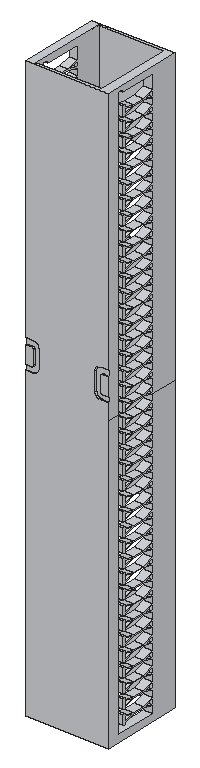
Revit family
Parameters
  Material ID = "760089458"
  Description = "Vertical Cable Management Kit, 12in X 84in (305mm X 2134mm) Single Sided, With Door, Black"
Reference planes (in)
  plane 1 "Center (Front/Back)": y = 0
  plane 2: z = 0
  plane 3 "Center (Left/Right)": x = 0
Forms (in)
  Extrusion 1, void, not visible
    sketch origin (0, 0, 0) x (1, 0, 0) y (0, 0, 1)
      loop
        line (-7.85662, 0.48089) -> (-7.85662, -0.39002) -> (-7.67285, -0.39002) -> (-7.67285, -0.64002) -> (-7.0736, -0.64002) -> (-7.0736, -0.39002) -> (-6.92978, -0.39002) -> (-6.92978, 0.48089) -> (-7.85662, 0.48089)
    from -3.79215 to 12
  Extrusion 2, void, not visible
    sketch origin (0, 0, 0) x (1, 0, 0) y (0, 0, 1)
      loop
        line (-8.21397, 0.42583) -> (-8.21397, -0.07417) -> (-8.08657, -0.07417) -> (-8.08657, -0.27417) -> (-7.83657, -0.27417) -> (-7.83657, -0.07417) -> (-7.72497, -0.07417) -> (-7.72497, 0.42583) -> (-8.21397, 0.42583)
    from 0.74059 to 3.34334
  Extrusion 3, solid
    sketch origin (0, 0, 0) x (1, 0, 0) y (0, 0, 1)
      loop
        line (7, 42) -> (-5, 42) -> (-5, -42) -> (7, -42) -> (7, 0) -> (7, 42)
    from 11.281 to -0.549
  Extrusion 4, void
    sketch origin (0, 0, 0) x (1, 0, 0) y (0, 0, 1)
      loop
        line (-5, 6.54262) -> (-5, 5.6089) -> (-4.1, 5.6089)
        arc (-4.1, 5.6089) -> (-3.88787, 5.52103) -> (-3.8, 5.3089) r 0.3
        line (-3.8, 5.3089) -> (-3.8, 3.39262)
        arc (-3.8, 3.39262) -> (-3.88787, 3.18049) -> (-4.1, 3.09262) r 0.3
        line (-4.1, 3.09262) -> (-5, 3.09262) -> (-5, 2.29262) -> (-3.8, 2.29262)
        arc (-3.8, 2.29262) -> (-3.23431, 2.52693) -> (-3, 3.09262) r 0.8
        line (-3, 3.09262) -> (-3, 5.74262)
        arc (-3, 5.74262) -> (-3.23431, 6.30831) -> (-3.8, 6.54262) r 0.8
        line (-3.8, 6.54262) -> (-5, 6.54262)
      loop
        line (7, 6.54262) -> (5.8, 6.54262)
        arc (5.8, 6.54262) -> (5.23431, 6.30831) -> (5, 5.74262) r 0.8
        line (5, 5.74262) -> (5, 3.09262)
        arc (5, 3.09262) -> (5.23431, 2.52693) -> (5.8, 2.29262) r 0.8
        line (5.8, 2.29262) -> (7, 2.29262) -> (7, 3.09262) -> (6.1, 3.09262)
        arc (6.1, 3.09262) -> (5.88787, 3.18049) -> (5.8, 3.39262) r 0.3
        line (5.8, 3.39262) -> (5.8, 5.3089)
        arc (5.8, 5.3089) -> (5.88787, 5.52103) -> (6.1, 5.6089) r 0.3
        line (6.1, 5.6089) -> (7, 5.6089) -> (7, 6.54262)
    from 11.08569 to 11.281
  Extrusion 5, void
    sketch origin (0, 0, 0) x (1, 0, 0) y (0, 1, 0)
      loop
        line (5.70983, 0.3385) -> (-3.79017, 0.3385) -> (-3.79017, -10.9115) -> (5.70983, -10.9115) -> (5.70983, 0.3385)
    from -57.1272 to 54.97812
  Extrusion 6, void
    sketch origin (0, 0, 0) x (0, 1, 0) y (0, 0, 1)
      loop
        line (-3.37841, 39.06909) -> (-3.37841, 41.06909) -> (-8.50915, 41.06909) -> (-8.50915, 39.06909) -> (-6.81878, 38.61615) -> (-5.06878, 38.61615) -> (-3.37841, 39.06909)
      loop
        line (-3.37841, 38.06909) -> (-5.06878, 38.52202) -> (-6.81878, 38.52202) -> (-8.50915, 38.06909) -> (-8.50915, 37.81909) -> (-8.50915, 37.06909) -> (-6.81878, 36.61615) -> (-5.06878, 36.61615) -> (-3.37841, 37.06909) -> (-3.37841, 37.81909) -> (-3.37841, 38.06909)
      loop
        line (-3.37841, 39.00985) -> (-4.9864, 38.57899) -> (-3.37841, 38.14813) -> (-3.37841, 39.00985)
      loop
        line (-8.50915, 39.00985) -> (-8.50915, 38.14813) -> (-6.90115, 38.57899) -> (-8.50915, 39.00985)
      loop
        line (-3.37841, 36.06909) -> (-5.06878, 36.52202) -> (-6.81878, 36.52202) -> (-8.50915, 36.06909) -> (-8.50915, 35.06909) -> (-6.81878, 34.61615) -> (-5.06878, 34.61615) -> (-3.37841, 35.06909) -> (-3.37841, 36.06909)
      loop
        line (-3.37841, 37.00985) -> (-4.9864, 36.57899) -> (-3.37841, 36.14813) -> (-3.37841, 37.00985)
      loop
        line (-8.50915, 37.00985) -> (-8.50915, 36.14813) -> (-6.90115, 36.57899) -> (-8.50915, 37.00985)
      loop
        line (-3.37841, 34.06909) -> (-5.06878, 34.52202) -> (-6.81878, 34.52202) -> (-8.50915, 34.06909) -> (-8.50915, 33.06909) -> (-6.81878, 32.61615) -> (-5.06878, 32.61615) -> (-3.37841, 33.06909) -> (-3.37841, 34.06909)
      loop
        line (-3.37841, 35.00985) -> (-4.9864, 34.57899) -> (-3.37841, 34.14813) -> (-3.37841, 35.00985)
      loop
        line (-8.50915, 35.00985) -> (-8.50915, 34.14813) -> (-6.90115, 34.57899) -> (-8.50915, 35.00985)
      loop
        line (-3.37841, 32.06909) -> (-5.06878, 32.52202) -> (-6.81878, 32.52202) -> (-8.50915, 32.06909) -> (-8.50915, 31.06909) -> (-6.81878, 30.61615) -> (-5.06878, 30.61615) -> (-3.37841, 31.06909) -> (-3.37841, 32.06909)
      loop
        line (-3.37841, 33.00985) -> (-4.9864, 32.57899) -> (-3.37841, 32.14813) -> (-3.37841, 33.00985)
      loop
        line (-8.50915, 33.00985) -> (-8.50915, 32.14813) -> (-6.90115, 32.57899) -> (-8.50915, 33.00985)
      loop
        line (-3.37841, 30.06909) -> (-5.06878, 30.52202) -> (-6.81878, 30.52202) -> (-8.50915, 30.06909) -> (-8.50915, 29.06909) -> (-6.81878, 28.61615) -> (-5.06878, 28.61615) -> (-3.37841, 29.06909) -> (-3.37841, 30.06909)
      loop
        line (-3.37841, 31.00985) -> (-4.9864, 30.57899) -> (-3.37841, 30.14813) -> (-3.37841, 31.00985)
      loop
        line (-8.50915, 31.00985) -> (-8.50915, 30.14813) -> (-6.90115, 30.57899) -> (-8.50915, 31.00985)
      loop
        line (-3.37841, 28.06909) -> (-5.06878, 28.52202) -> (-6.81878, 28.52202) -> (-8.50915, 28.06909) -> (-8.50915, 27.06909) -> (-6.81878, 26.61615) -> (-5.06878, 26.61615) -> (-3.37841, 27.06909) -> (-3.37841, 28.06909)
      loop
        line (-3.37841, 29.00985) -> (-4.9864, 28.57899) -> (-3.37841, 28.14813) -> (-3.37841, 29.00985)
      loop
        line (-8.50915, 29.00985) -> (-8.50915, 28.14813) -> (-6.90115, 28.57899) -> (-8.50915, 29.00985)
      loop
        line (-3.37841, 26.06909) -> (-5.06878, 26.52202) -> (-6.81878, 26.52202) -> (-8.50915, 26.06909) -> (-8.50915, 25.06909) -> (-6.81878, 24.61615) -> (-5.06878, 24.61615) -> (-3.37841, 25.06909) -> (-3.37841, 26.06909)
      loop
        line (-3.37841, 27.00985) -> (-4.9864, 26.57899) -> (-3.37841, 26.14813) -> (-3.37841, 27.00985)
      loop
        line (-8.50915, 27.00985) -> (-8.50915, 26.14813) -> (-6.90115, 26.57899) -> (-8.50915, 27.00985)
      loop
        line (-3.37841, 24.06909) -> (-5.06878, 24.52202) -> (-6.81878, 24.52202) -> (-8.50915, 24.06909) -> (-8.50915, 23.06909) -> (-6.81878, 22.61615) -> (-5.06878, 22.61615) -> (-3.37841, 23.06909) -> (-3.37841, 24.06909)
      loop
        line (-3.37841, 25.00985) -> (-4.9864, 24.57899) -> (-3.37841, 24.14813) -> (-3.37841, 25.00985)
      loop
        line (-8.50915, 25.00985) -> (-8.50915, 24.14813) -> (-6.90115, 24.57899) -> (-8.50915, 25.00985)
      loop
        line (-3.37841, 22.06909) -> (-5.06878, 22.52202) -> (-6.81878, 22.52202) -> (-8.50915, 22.06909) -> (-8.50915, 21.06909) -> (-6.81878, 20.61615) -> (-5.06878, 20.61615) -> (-3.37841, 21.06909) -> (-3.37841, 22.06909)
      loop
        line (-3.37841, 23.00985) -> (-4.9864, 22.57899) -> (-3.37841, 22.14813) -> (-3.37841, 23.00985)
      loop
        line (-8.50915, 23.00985) -> (-8.50915, 22.14813) -> (-6.90115, 22.57899) -> (-8.50915, 23.00985)
      loop
        line (-3.37841, 20.06909) -> (-5.06878, 20.52202) -> (-6.81878, 20.52202) -> (-8.50915, 20.06909) -> (-8.50915, 19.06909) -> (-6.81878, 18.61615) -> (-5.06878, 18.61615) -> (-3.37841, 19.06909) -> (-3.37841, 20.06909)
      loop
        line (-3.37841, 21.00985) -> (-4.9864, 20.57899) -> (-3.37841, 20.14813) -> (-3.37841, 21.00985)
      loop
        line (-8.50915, 21.00985) -> (-8.50915, 20.14813) -> (-6.90115, 20.57899) -> (-8.50915, 21.00985)
      loop
        line (-3.37841, 18.06909) -> (-5.06878, 18.52202) -> (-6.81878, 18.52202) -> (-8.50915, 18.06909) -> (-8.50915, 17.06909) -> (-6.81878, 16.61615) -> (-5.06878, 16.61615) -> (-3.37841, 17.06909) -> (-3.37841, 18.06909)
      loop
        line (-3.37841, 19.00985) -> (-4.9864, 18.57899) -> (-3.37841, 18.14813) -> (-3.37841, 19.00985)
      loop
        line (-8.50915, 19.00985) -> (-8.50915, 18.14813) -> (-6.90115, 18.57899) -> (-8.50915, 19.00985)
      loop
        line (-3.37841, 16.06909) -> (-5.06878, 16.52202) -> (-6.81878, 16.52202) -> (-8.50915, 16.06909) -> (-8.50915, 15.06909) -> (-6.81878, 14.61615) -> (-5.06878, 14.61615) -> (-3.37841, 15.06909) -> (-3.37841, 16.06909)
      loop
        line (-3.37841, 17.00985) -> (-4.9864, 16.57899) -> (-3.37841, 16.14813) -> (-3.37841, 17.00985)
      loop
        line (-8.50915, 17.00985) -> (-8.50915, 16.14813) -> (-6.90115, 16.57899) -> (-8.50915, 17.00985)
      loop
        line (-3.37841, 14.06909) -> (-5.06878, 14.52202) -> (-6.81878, 14.52202) -> (-8.50915, 14.06909) -> (-8.50915, 13.06909) -> (-6.81878, 12.61615) -> (-5.06878, 12.61615) -> (-3.37841, 13.06909) -> (-3.37841, 14.06909)
      loop
        line (-3.37841, 15.00985) -> (-4.9864, 14.57899) -> (-3.37841, 14.14813) -> (-3.37841, 15.00985)
      loop
        line (-8.50915, 15.00985) -> (-8.50915, 14.14813) -> (-6.90115, 14.57899) -> (-8.50915, 15.00985)
      loop
        line (-3.37841, 12.06909) -> (-5.06878, 12.52202) -> (-6.81878, 12.52202) -> (-8.50915, 12.06909) -> (-8.50915, 11.06909) -> (-6.81878, 10.61615) -> (-5.06878, 10.61615) -> (-3.37841, 11.06909) -> (-3.37841, 12.06909)
      loop
        line (-3.37841, 13.00985) -> (-4.9864, 12.57899) -> (-3.37841, 12.14813) -> (-3.37841, 13.00985)
      loop
        line (-8.50915, 13.00985) -> (-8.50915, 12.14813) -> (-6.90115, 12.57899) -> (-8.50915, 13.00985)
      loop
        line (-3.37841, 10.06909) -> (-5.06878, 10.52202) -> (-6.81878, 10.52202) -> (-8.50915, 10.06909) -> (-8.50915, 9.06909) -> (-6.81878, 8.61615) -> (-5.06878, 8.61615) -> (-3.37841, 9.06909) -> (-3.37841, 10.06909)
      loop
        line (-3.37841, 11.00985) -> (-4.9864, 10.57899) -> (-3.37841, 10.14813) -> (-3.37841, 11.00985)
      loop
        line (-8.50915, 11.00985) -> (-8.50915, 10.14813) -> (-6.90115, 10.57899) -> (-8.50915, 11.00985)
      loop
        line (-3.37841, 8.06909) -> (-5.06878, 8.52202) -> (-6.81878, 8.52202) -> (-8.50915, 8.06909) -> (-8.50915, 7.06909) -> (-6.81878, 6.61615) -> (-5.06878, 6.61615) -> (-3.37841, 7.06909) -> (-3.37841, 8.06909)
      loop
        line (-3.37841, 9.00985) -> (-4.9864, 8.57899) -> (-3.37841, 8.14813) -> (-3.37841, 9.00985)
      loop
        line (-8.50915, 9.00985) -> (-8.50915, 8.14813) -> (-6.90115, 8.57899) -> (-8.50915, 9.00985)
      loop
        line (-3.37841, 6.06909) -> (-5.06878, 6.52202) -> (-6.81878, 6.52202) -> (-8.50915, 6.06909) -> (-8.50915, 5.06909) -> (-6.81878, 4.61615) -> (-5.06878, 4.61615) -> (-3.37841, 5.06909) -> (-3.37841, 6.06909)
      loop
        line (-3.37841, 7.00985) -> (-4.9864, 6.57899) -> (-3.37841, 6.14813) -> (-3.37841, 7.00985)
      loop
        line (-8.50915, 7.00985) -> (-8.50915, 6.14813) -> (-6.90115, 6.57899) -> (-8.50915, 7.00985)
      loop
        line (-3.37841, 4.06909) -> (-5.06878, 4.52202) -> (-6.81878, 4.52202) -> (-8.50915, 4.06909) -> (-8.50915, 3.06909) -> (-6.81878, 2.61615) -> (-5.06878, 2.61615) -> (-3.37841, 3.06909) -> (-3.37841, 4.06909)
      loop
        line (-3.37841, 5.00985) -> (-4.9864, 4.57899) -> (-3.37841, 4.14813) -> (-3.37841, 5.00985)
      loop
        line (-8.50915, 5.00985) -> (-8.50915, 4.14813) -> (-6.90115, 4.57899) -> (-8.50915, 5.00985)
      loop
        line (-3.37841, 2.06909) -> (-5.06878, 2.52202) -> (-6.81878, 2.52202) -> (-8.50915, 2.06909) -> (-8.50915, 1.06909) -> (-6.81878, 0.61615) -> (-5.06878, 0.61615) -> (-3.37841, 1.06909) -> (-3.37841, 2.06909)
      loop
        line (-3.37841, 3.00985) -> (-4.9864, 2.57899) -> (-3.37841, 2.14813) -> (-3.37841, 3.00985)
      loop
        line (-8.50915, 3.00985) -> (-8.50915, 2.14813) -> (-6.90115, 2.57899) -> (-8.50915, 3.00985)
      loop
        line (-3.37841, 0.06909) -> (-5.06878, 0.52202) -> (-6.81878, 0.52202) -> (-8.50915, 0.06909) -> (-8.50915, -0.93091) -> (-6.81878, -1.38385) -> (-5.06878, -1.38385) -> (-3.37841, -0.93091) -> (-3.37841, 0.06909)
      loop
        line (-3.37841, 1.00985) -> (-4.9864, 0.57899) -> (-3.37841, 0.14813) -> (-3.37841, 1.00985)
      loop
        line (-8.50915, 1.00985) -> (-8.50915, 0.14813) -> (-6.90115, 0.57899) -> (-8.50915, 1.00985)
      loop
        line (-3.37841, -1.93091) -> (-5.06878, -1.47798) -> (-6.81878, -1.47798) -> (-8.50915, -1.93091) -> (-8.50915, -2.93091) -> (-6.81878, -3.38385) -> (-5.06878, -3.38385) -> (-3.37841, -2.93091) -> (-3.37841, -1.93091)
      loop
        line (-3.37841, -0.99015) -> (-4.9864, -1.42101) -> (-3.37841, -1.85187) -> (-3.37841, -0.99015)
      loop
        line (-8.50915, -0.99015) -> (-8.50915, -1.85187) -> (-6.90115, -1.42101) -> (-8.50915, -0.99015)
      loop
        line (-3.37841, -3.93091) -> (-5.06878, -3.47798) -> (-6.81878, -3.47798) -> (-8.50915, -3.93091) -> (-8.50915, -4.93091) -> (-6.81878, -5.38385) -> (-5.06878, -5.38385) -> (-3.37841, -4.93091) -> (-3.37841, -3.93091)
      loop
        line (-3.37841, -2.99015) -> (-4.9864, -3.42101) -> (-3.37841, -3.85187) -> (-3.37841, -2.99015)
      loop
        line (-8.50915, -2.99015) -> (-8.50915, -3.85187) -> (-6.90115, -3.42101) -> (-8.50915, -2.99015)
      loop
        line (-3.37841, -5.93091) -> (-5.06878, -5.47798) -> (-6.81878, -5.47798) -> (-8.50915, -5.93091) -> (-8.50915, -6.93091) -> (-6.81878, -7.38385) -> (-5.06878, -7.38385) -> (-3.37841, -6.93091) -> (-3.37841, -5.93091)
      loop
        line (-3.37841, -4.99015) -> (-4.9864, -5.42101) -> (-3.37841, -5.85187) -> (-3.37841, -4.99015)
      loop
        line (-8.50915, -4.99015) -> (-8.50915, -5.85187) -> (-6.90115, -5.42101) -> (-8.50915, -4.99015)
      loop
        line (-3.37841, -7.93091) -> (-5.06878, -7.47798) -> (-6.81878, -7.47798) -> (-8.50915, -7.93091) -> (-8.50915, -8.93091) -> (-6.81878, -9.38385) -> (-5.06878, -9.38385) -> (-3.37841, -8.93091) -> (-3.37841, -7.93091)
      loop
        line (-3.37841, -6.99015) -> (-4.9864, -7.42101) -> (-3.37841, -7.85187) -> (-3.37841, -6.99015)
      loop
        line (-8.50915, -6.99015) -> (-8.50915, -7.85187) -> (-6.90115, -7.42101) -> (-8.50915, -6.99015)
      loop
        line (-3.37841, -9.93091) -> (-5.06878, -9.47798) -> (-6.81878, -9.47798) -> (-8.50915, -9.93091) -> (-8.50915, -10.93091) -> (-6.81878, -11.38385) -> (-5.06878, -11.38385) -> (-3.37841, -10.93091) -> (-3.37841, -9.93091)
      loop
        line (-3.37841, -8.99015) -> (-4.9864, -9.42101) -> (-3.37841, -9.85187) -> (-3.37841, -8.99015)
      loop
        line (-8.50915, -8.99015) -> (-8.50915, -9.85187) -> (-6.90115, -9.42101) -> (-8.50915, -8.99015)
      loop
        line (-3.37841, -11.93091) -> (-5.06878, -11.47798) -> (-6.81878, -11.47798) -> (-8.50915, -11.93091) -> (-8.50915, -12.93091) -> (-6.81878, -13.38385) -> (-5.06878, -13.38385) -> (-3.37841, -12.93091) -> (-3.37841, -11.93091)
      loop
        line (-3.37841, -10.99015) -> (-4.9864, -11.42101) -> (-3.37841, -11.85187) -> (-3.37841, -10.99015)
      loop
        line (-8.50915, -10.99015) -> (-8.50915, -11.85187) -> (-6.90115, -11.42101) -> (-8.50915, -10.99015)
      loop
        line (-3.37841, -13.93091) -> (-5.06878, -13.47798) -> (-6.81878, -13.47798) -> (-8.50915, -13.93091) -> (-8.50915, -14.93091) -> (-6.81878, -15.38385) -> (-5.06878, -15.38385) -> (-3.37841, -14.93091) -> (-3.37841, -13.93091)
      loop
        line (-3.37841, -12.99015) -> (-4.9864, -13.42101) -> (-3.37841, -13.85187) -> (-3.37841, -12.99015)
      loop
        line (-8.50915, -12.99015) -> (-8.50915, -13.85187) -> (-6.90115, -13.42101) -> (-8.50915, -12.99015)
      loop
        line (-3.37841, -15.93091) -> (-5.06878, -15.47798) -> (-6.81878, -15.47798) -> (-8.50915, -15.93091) -> (-8.50915, -16.93091) -> (-6.81878, -17.38385) -> (-5.06878, -17.38385) -> (-3.37841, -16.93091) -> (-3.37841, -15.93091)
      loop
        line (-3.37841, -14.99015) -> (-4.9864, -15.42101) -> (-3.37841, -15.85187) -> (-3.37841, -14.99015)
      loop
        line (-8.50915, -14.99015) -> (-8.50915, -15.85187) -> (-6.90115, -15.42101) -> (-8.50915, -14.99015)
      loop
        line (-3.37841, -17.93091) -> (-5.06878, -17.47798) -> (-6.81878, -17.47798) -> (-8.50915, -17.93091) -> (-8.50915, -18.93091) -> (-6.81878, -19.38385) -> (-5.06878, -19.38385) -> (-3.37841, -18.93091) -> (-3.37841, -17.93091)
      loop
        line (-3.37841, -16.99015) -> (-4.9864, -17.42101) -> (-3.37841, -17.85187) -> (-3.37841, -16.99015)
      loop
        line (-8.50915, -16.99015) -> (-8.50915, -17.85187) -> (-6.90115, -17.42101) -> (-8.50915, -16.99015)
      loop
        line (-3.37841, -19.93091) -> (-5.06878, -19.47798) -> (-6.81878, -19.47798) -> (-8.50915, -19.93091) -> (-8.50915, -20.93091) -> (-6.81878, -21.38385) -> (-5.06878, -21.38385) -> (-3.37841, -20.93091) -> (-3.37841, -19.93091)
      loop
        line (-3.37841, -18.99015) -> (-4.9864, -19.42101) -> (-3.37841, -19.85187) -> (-3.37841, -18.99015)
      loop
        line (-8.50915, -18.99015) -> (-8.50915, -19.85187) -> (-6.90115, -19.42101) -> (-8.50915, -18.99015)
      loop
        line (-3.37841, -21.93091) -> (-5.06878, -21.47798) -> (-6.81878, -21.47798) -> (-8.50915, -21.93091) -> (-8.50915, -22.93091) -> (-6.81878, -23.38385) -> (-5.06878, -23.38385) -> (-3.37841, -22.93091) -> (-3.37841, -21.93091)
      loop
        line (-3.37841, -20.99015) -> (-4.9864, -21.42101) -> (-3.37841, -21.85187) -> (-3.37841, -20.99015)
      loop
        line (-8.50915, -20.99015) -> (-8.50915, -21.85187) -> (-6.90115, -21.42101) -> (-8.50915, -20.99015)
      loop
        line (-3.37841, -23.93091) -> (-5.06878, -23.47798) -> (-6.81878, -23.47798) -> (-8.50915, -23.93091) -> (-8.50915, -24.93091) -> (-6.81878, -25.38385) -> (-5.06878, -25.38385) -> (-3.37841, -24.93091) -> (-3.37841, -23.93091)
      loop
        line (-3.37841, -22.99015) -> (-4.9864, -23.42101) -> (-3.37841, -23.85187) -> (-3.37841, -22.99015)
      loop
        line (-8.50915, -22.99015) -> (-8.50915, -23.85187) -> (-6.90115, -23.42101) -> (-8.50915, -22.99015)
      loop
        line (-3.37841, -25.93091) -> (-5.06878, -25.47798) -> (-6.81878, -25.47798) -> (-8.50915, -25.93091) -> (-8.50915, -26.93091) -> (-6.81878, -27.38385) -> (-5.06878, -27.38385) -> (-3.37841, -26.93091) -> (-3.37841, -25.93091)
      loop
        line (-3.37841, -24.99015) -> (-4.9864, -25.42101) -> (-3.37841, -25.85187) -> (-3.37841, -24.99015)
      loop
        line (-8.50915, -24.99015) -> (-8.50915, -25.85187) -> (-6.90115, -25.42101) -> (-8.50915, -24.99015)
      loop
        line (-3.37841, -27.93091) -> (-5.06878, -27.47798) -> (-6.81878, -27.47798) -> (-8.50915, -27.93091) -> (-8.50915, -28.93091) -> (-6.81878, -29.38385) -> (-5.06878, -29.38385) -> (-3.37841, -28.93091) -> (-3.37841, -27.93091)
      loop
        line (-3.37841, -26.99015) -> (-4.9864, -27.42101) -> (-3.37841, -27.85187) -> (-3.37841, -26.99015)
      loop
        line (-8.50915, -26.99015) -> (-8.50915, -27.85187) -> (-6.90115, -27.42101) -> (-8.50915, -26.99015)
      loop
        line (-3.37841, -29.93091) -> (-5.06878, -29.47798) -> (-6.81878, -29.47798) -> (-8.50915, -29.93091) -> (-8.50915, -30.93091) -> (-6.81878, -31.38385) -> (-5.06878, -31.38385) -> (-3.37841, -30.93091) -> (-3.37841, -29.93091)
      loop
        line (-3.37841, -28.99015) -> (-4.9864, -29.42101) -> (-3.37841, -29.85187) -> (-3.37841, -28.99015)
      loop
        line (-8.50915, -28.99015) -> (-8.50915, -29.85187) -> (-6.90115, -29.42101) -> (-8.50915, -28.99015)
      loop
        line (-3.37841, -31.93091) -> (-5.06878, -31.47798) -> (-6.81878, -31.47798) -> (-8.50915, -31.93091) -> (-8.50915, -32.93091) -> (-6.81878, -33.38385) -> (-5.06878, -33.38385) -> (-3.37841, -32.93091) -> (-3.37841, -31.93091)
      loop
        line (-3.37841, -30.99015) -> (-4.9864, -31.42101) -> (-3.37841, -31.85187) -> (-3.37841, -30.99015)
      loop
        line (-8.50915, -30.99015) -> (-8.50915, -31.85187) -> (-6.90115, -31.42101) -> (-8.50915, -30.99015)
      loop
        line (-3.37841, -33.93091) -> (-5.06878, -33.47798) -> (-6.81878, -33.47798) -> (-8.50915, -33.93091) -> (-8.50915, -34.93091) -> (-6.81878, -35.38385) -> (-5.06878, -35.38385) -> (-3.37841, -34.93091) -> (-3.37841, -33.93091)
      loop
        line (-3.37841, -32.99015) -> (-4.9864, -33.42101) -> (-3.37841, -33.85187) -> (-3.37841, -32.99015)
      loop
        line (-8.50915, -32.99015) -> (-8.50915, -33.85187) -> (-6.90115, -33.42101) -> (-8.50915, -32.99015)
      loop
        line (-3.37841, -35.93091) -> (-5.06878, -35.47798) -> (-6.81878, -35.47798) -> (-8.50915, -35.93091) -> (-8.50915, -36.93091) -> (-6.81878, -37.38385) -> (-5.06878, -37.38385) -> (-3.37841, -36.93091) -> (-3.37841, -35.93091)
      loop
        line (-3.37841, -34.99015) -> (-4.9864, -35.42101) -> (-3.37841, -35.85187) -> (-3.37841, -34.99015)
      loop
        line (-8.50915, -34.99015) -> (-8.50915, -35.85187) -> (-6.90115, -35.42101) -> (-8.50915, -34.99015)
      loop
        line (-3.37841, -37.93091) -> (-5.06878, -37.47798) -> (-6.81878, -37.47798) -> (-8.50915, -37.93091) -> (-8.50915, -38.93091) -> (-6.81878, -39.38385) -> (-5.06878, -39.38385) -> (-3.37841, -38.93091) -> (-3.37841, -37.93091)
      loop
        line (-3.37841, -36.99015) -> (-4.9864, -37.42101) -> (-3.37841, -37.85187) -> (-3.37841, -36.99015)
      loop
        line (-8.50915, -36.99015) -> (-8.50915, -37.85187) -> (-6.90115, -37.42101) -> (-8.50915, -36.99015)
      loop
        line (-3.37841, -40.99798) -> (-3.37841, -39.93091) -> (-5.06878, -39.47798) -> (-6.81878, -39.47798) -> (-8.50915, -39.93091) -> (-8.50915, -40.99798) -> (-3.37841, -40.99798)
      loop
        line (-3.37841, -38.99015) -> (-4.9864, -39.42101) -> (-3.37841, -39.85187) -> (-3.37841, -38.99015)
      loop
        line (-8.50915, -38.99015) -> (-8.50915, -39.85187) -> (-6.90115, -39.42101) -> (-8.50915, -38.99015)
    from -16.16264 to 12
  Extrusion 7, void
    sketch origin (0, 0, 0) x (0, 1, 0) y (0, 0, 1)
      loop
        line (-9.74802, 41.47806) -> (-9.74802, -41) -> (-8.75915, -41) -> (-8.75915, 41.47806) -> (-9.74802, 41.47806)
    from -16.48531 to 12
  Extrusion 8, void
    sketch origin (0, 0, 0) x (1, 0, 0) y (0, 0, 1)
      loop
        line (5.49935, 28.88043) -> (-3.50065, 28.88043) -> (-3.50065, 16.13043) -> (5.49935, 16.13043) -> (5.49935, 28.88043)
      loop
        line (5.49935, -28.88043) -> (5.49935, -16.13043) -> (-3.50065, -16.13043) -> (-3.50065, -28.88043) -> (5.49935, -28.88043)
    from -9.86946 to 1.00595
  Extrusion 9, void
    sketch origin (7, 0, 42) x (0, 0, 1) y (0, 1, 0)
      loop
        line (-0.93091, -7.22337) -> (-2.68091, -7.22337) -> (-2.68091, -9.22337) -> (-0.93091, -9.22337) -> (-0.93091, -7.22337)
      loop
        line (-4.08537, -9.05786) -> (-4.08537, -8.05786) -> (-4.76237, -8.05786) -> (-4.76237, -9.05786) -> (-4.08537, -9.05786)
      loop
        line (-6.08537, -9.05786) -> (-6.08537, -8.05786) -> (-6.76237, -8.05786) -> (-6.76237, -9.05786) -> (-6.08537, -9.05786)
      loop
        line (-8.08537, -9.05786) -> (-8.08537, -8.05786) -> (-8.76237, -8.05786) -> (-8.76237, -9.05786) -> (-8.08537, -9.05786)
      loop
        line (-10.08537, -9.05786) -> (-10.08537, -8.05786) -> (-10.76237, -8.05786) -> (-10.76237, -9.05786) -> (-10.08537, -9.05786)
      loop
        line (-12.08537, -9.05786) -> (-12.08537, -8.05786) -> (-12.76237, -8.05786) -> (-12.76237, -9.05786) -> (-12.08537, -9.05786)
      loop
        line (-14.08537, -9.05786) -> (-14.08537, -8.05786) -> (-14.76237, -8.05786) -> (-14.76237, -9.05786) -> (-14.08537, -9.05786)
      loop
        line (-16.08537, -9.05786) -> (-16.08537, -8.05786) -> (-16.76237, -8.05786) -> (-16.76237, -9.05786) -> (-16.08537, -9.05786)
      loop
        line (-18.08537, -9.05786) -> (-18.08537, -8.05786) -> (-18.76237, -8.05786) -> (-18.76237, -9.05786) -> (-18.08537, -9.05786)
      loop
        line (-20.08537, -9.05786) -> (-20.08537, -8.05786) -> (-20.76237, -8.05786) -> (-20.76237, -9.05786) -> (-20.08537, -9.05786)
      loop
        line (-22.08537, -9.05786) -> (-22.08537, -8.05786) -> (-22.76237, -8.05786) -> (-22.76237, -9.05786) -> (-22.08537, -9.05786)
      loop
        line (-24.08537, -9.05786) -> (-24.08537, -8.05786) -> (-24.76237, -8.05786) -> (-24.76237, -9.05786) -> (-24.08537, -9.05786)
      loop
        line (-26.08537, -9.05786) -> (-26.08537, -8.05786) -> (-26.76237, -8.05786) -> (-26.76237, -9.05786) -> (-26.08537, -9.05786)
      loop
        line (-28.08537, -9.05786) -> (-28.08537, -8.05786) -> (-28.76237, -8.05786) -> (-28.76237, -9.05786) -> (-28.08537, -9.05786)
      loop
        line (-30.08537, -9.05786) -> (-30.08537, -8.05786) -> (-30.76237, -8.05786) -> (-30.76237, -9.05786) -> (-30.08537, -9.05786)
      loop
        line (-32.08537, -9.05786) -> (-32.08537, -8.05786) -> (-32.76237, -8.05786) -> (-32.76237, -9.05786) -> (-32.08537, -9.05786)
      loop
        line (-34.08537, -9.05786) -> (-34.08537, -8.05786) -> (-34.76237, -8.05786) -> (-34.76237, -9.05786) -> (-34.08537, -9.05786)
      loop
        line (-36.08537, -9.05786) -> (-36.08537, -8.05786) -> (-36.76237, -8.05786) -> (-36.76237, -9.05786) -> (-36.08537, -9.05786)
      loop
        line (-38.08537, -9.05786) -> (-38.08537, -8.05786) -> (-38.76237, -8.05786) -> (-38.76237, -9.05786) -> (-38.08537, -9.05786)
      loop
        line (-40.08537, -9.05786) -> (-40.08537, -8.05786) -> (-40.76237, -8.05786) -> (-40.76237, -9.05786) -> (-40.08537, -9.05786)
      loop
        line (-42.08537, -9.05786) -> (-42.08537, -8.05786) -> (-42.76237, -8.05786) -> (-42.76237, -9.05786) -> (-42.08537, -9.05786)
      loop
        line (-44.08537, -9.05786) -> (-44.08537, -8.05786) -> (-44.76237, -8.05786) -> (-44.76237, -9.05786) -> (-44.08537, -9.05786)
      loop
        line (-46.08537, -9.05786) -> (-46.08537, -8.05786) -> (-46.76237, -8.05786) -> (-46.76237, -9.05786) -> (-46.08537, -9.05786)
      loop
        line (-48.08537, -9.05786) -> (-48.08537, -8.05786) -> (-48.76237, -8.05786) -> (-48.76237, -9.05786) -> (-48.08537, -9.05786)
      loop
        line (-50.08537, -9.05786) -> (-50.08537, -8.05786) -> (-50.76237, -8.05786) -> (-50.76237, -9.05786) -> (-50.08537, -9.05786)
      loop
        line (-52.08537, -9.05786) -> (-52.08537, -8.05786) -> (-52.76237, -8.05786) -> (-52.76237, -9.05786) -> (-52.08537, -9.05786)
      loop
        line (-54.08537, -9.05786) -> (-54.08537, -8.05786) -> (-54.76237, -8.05786) -> (-54.76237, -9.05786) -> (-54.08537, -9.05786)
      loop
        line (-56.08537, -9.05786) -> (-56.08537, -8.05786) -> (-56.76237, -8.05786) -> (-56.76237, -9.05786) -> (-56.08537, -9.05786)
      loop
        line (-58.08537, -9.05786) -> (-58.08537, -8.05786) -> (-58.76237, -8.05786) -> (-58.76237, -9.05786) -> (-58.08537, -9.05786)
      loop
        line (-60.08537, -9.05786) -> (-60.08537, -8.05786) -> (-60.76237, -8.05786) -> (-60.76237, -9.05786) -> (-60.08537, -9.05786)
      loop
        line (-62.08537, -9.05786) -> (-62.08537, -8.05786) -> (-62.76237, -8.05786) -> (-62.76237, -9.05786) -> (-62.08537, -9.05786)
      loop
        line (-64.08537, -9.05786) -> (-64.08537, -8.05786) -> (-64.76237, -8.05786) -> (-64.76237, -9.05786) -> (-64.08537, -9.05786)
      loop
        line (-66.08537, -9.05786) -> (-66.08537, -8.05786) -> (-66.76237, -8.05786) -> (-66.76237, -9.05786) -> (-66.08537, -9.05786)
      loop
        line (-68.08537, -9.05786) -> (-68.08537, -8.05786) -> (-68.76237, -8.05786) -> (-68.76237, -9.05786) -> (-68.08537, -9.05786)
      loop
        line (-70.08537, -9.05786) -> (-70.08537, -8.05786) -> (-70.76237, -8.05786) -> (-70.76237, -9.05786) -> (-70.08537, -9.05786)
      loop
        line (-72.08537, -9.05786) -> (-72.08537, -8.05786) -> (-72.76237, -8.05786) -> (-72.76237, -9.05786) -> (-72.08537, -9.05786)
      loop
        line (-74.08537, -9.05786) -> (-74.08537, -8.05786) -> (-74.76237, -8.05786) -> (-74.76237, -9.05786) -> (-74.08537, -9.05786)
      loop
        line (-76.08537, -9.05786) -> (-76.08537, -8.05786) -> (-76.76237, -8.05786) -> (-76.76237, -9.05786) -> (-76.08537, -9.05786)
      loop
        line (-78.08537, -9.05786) -> (-78.08537, -8.05786) -> (-78.76237, -8.05786) -> (-78.76237, -9.05786) -> (-78.08537, -9.05786)
      loop
        line (-80.08537, -9.05786) -> (-80.08537, -8.05786) -> (-80.76237, -8.05786) -> (-80.76237, -9.05786) -> (-80.08537, -9.05786)
      loop
        line (-82.99798, -7.70129) -> (-82.99798, -9.20129) -> (-82.14251, -9.20129) -> (-82.14251, -7.70129) -> (-82.99798, -7.70129)
    from 0 to 12
Cuts and joins
  Extrusion 4, Extrusion 5, Extrusion 6, Extrusion 7, Extrusion 8, Extrusion 9 cuts Extrusion 3
